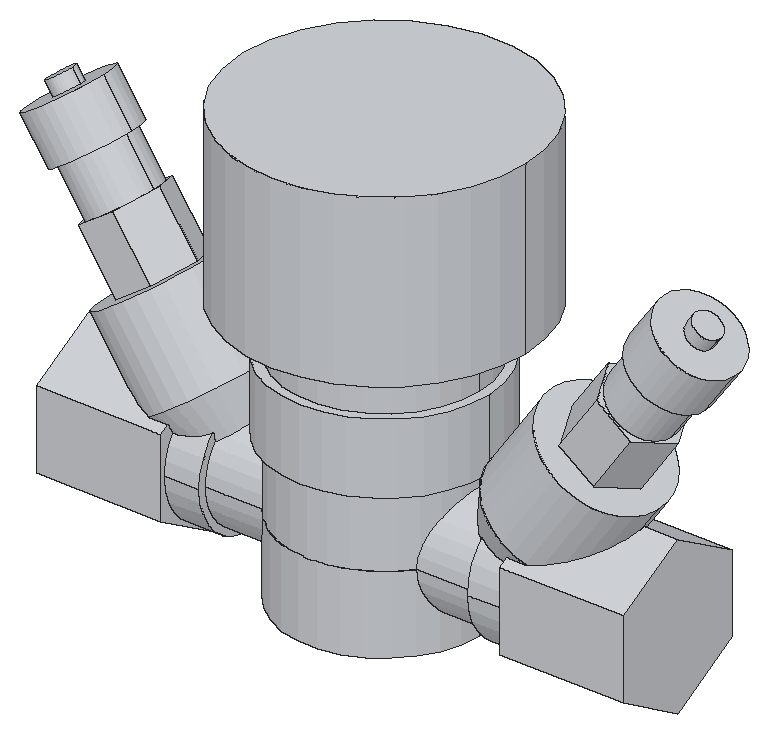
Revit family "D9525-DN15NF-RFA2019", category Pipe Accessories, Revit 2019
Family settings
  Round Connector Dimension = Use Diameter
  Part Type = Valve - Breaks Into
  Work Plane-Based = No
  Always vertical = Yes
  Cut with Voids When Loaded = No
  Shared = No
Parameters (values of type "9525 DN15 NF")
  magiProductId = "38bc2a49e75f44a19550cf5c31e8d8"
  magiProductFamilyId = "ec630ab62332464eb6277f46734e39"
  magiPartTypeId = 304
  isMeasuringValve [instance] = no
  ang2D [instance] = 0.00°
  ZZ = 10.076 mm
  ZN = 2 mm
  ZB1 = 9 mm
  ZB = 11 mm
  Z11 = 7 mm
  Z1 = 10 mm
  X0 = 18 mm
  W2D = 15 mm
  VersionID = "2.0/2019.5.23.1/VIR_9525_201"
  VIS0 = no
  V22 = 15.7 mm
  V2 = 17.8 mm
  V = 40 mm
  Use Minimum Symbol Size [instance] = no
  URL = "www.hydronix.cz"
  Type Comments = "závitový; PN10 (-10~+120°C) nebo PN20 (-10~+80°C)"
  RT = 2 mm
  RN = 11 mm
  R9 = 5 mm
  R8 = 6 mm
  R3 = 9 mm
  R2 = 8 mm
  R11 = 4.5 mm
  R1 = 9 mm
  R = 7.5 mm
  QmdConnectorList = "301;D;302;D"
  Productdata [instance] = ""
  Manufacturer = "Hydronix"
  MC Product Code = "9525 015 (D9525 DN15NF; kvs=1,83)"
  MC Piping Given Pressure Drop [instance] = 0.0 Pa
  MC Enable LOD 350 = no
  MC Enable LOD 200 = no
  MC Constant Outlet Pressure [instance] = 0.0 Pa
  L_2 = 41.5 mm
  LLDONLY = not(BBVIS)  # yes
  LLDAndHLD = and(or(LLDONLY, MC Enable LOD 350), not(BBVIS))  # yes
  LC = 9.8 mm
  L3 = 22.5 mm
  L2__ve = -L2  # -5 mm
  L2D_Min = 30.48 mm
  L2D = 83 mm
  L2 = 5 mm
  L1__ve = -L1  # -17.5 mm
  L1 = 17.5 mm
  L = 83 mm
  I4 = 26.585 mm
  I3 = 44.585 mm
  I2 = 49.5 mm
  I = 99 mm
  HBTR = 6.952 mm
  HBT3 = 6.952 mm
  HBT2 = 9.27 mm
  HBT11 = 13.099 mm
  HBT1 = 23.175 mm
  HBT = 46.35 mm
  HB = 51 mm
  ENBL350 = and(MC Enable LOD 350, not(BBVIS))  # no
  Description = "Ruční vyvažovací a 2-cestný regulační ventil závitový; bronzový; DN15NF; kvs1,83"
  DB11 = 25.65 mm
  DB1 = 29.7 mm
  DB = 27 mm
  D = 15 mm
  CenSd_RN_6 = RN * cos(30.00°)  # 9.526 mm
  CenSd_R8_6 = R8 * cos(30.00°)  # 5.196 mm
  CAT0 = yes
  CAT = no
  BBVIS = MC Enable LOD 200  # no
Types (4, lengths in mm): name | magiProductId | ZZ | ZB1 | ZB | Z11 | Z1 | W2D | RN | R3 | R2 | R | MC Product Code | L_2 | L2D | L | I4 | I3 | I2 | I | HBTR | HBT3 | HBT2 | HBT11 | HBT1 | HBT | HB | Description | DB11 | DB1 | DB | D | CenSd_RN_6
  9525 DN15 NF | "38bc2a49e75f44a19550cf5c31e8d8" | 10.076 | 9 | 11 | 7 | 10 | 15 | 11 | 9 | 8 | 7.5 | "9525 015 (D9525 DN15NF; kvs=1,83)" | 41.5 | 83 | 83 | 26.585 | 44.585 | 49.5 | 99 | 6.952 | 6.952 | 9.27 | 13.099 | 23.175 | 46.35 | 51 | "Ruční vyvažovací a 2-cestný regulační ventil závitový; bronzový; DN15NF; kvs1,83" | 25.65 | 29.7 | 27 | 15 | 9.526
  9525 DN15 LF | "0f0d3c44fff84d33bcc3edb98b3d66" | 10.076 | 9 | 11 | 7 | 10 | 15 | 11 | 9 | 8 | 7.5 | "9525 014 (D9525 DN15LF; kvs=0,86)" | 41.5 | 83 | 83 | 26.585 | 44.585 | 49.5 | 99 | 6.952 | 6.952 | 9.27 | 13.099 | 23.175 | 46.35 | 51 | "Ruční vyvažovací a 2-cestný regulační ventil závitový; bronzový; DN15LF; kvs0,86" | 25.65 | 29.7 | 27 | 15 | 9.526
  9525 DN20 | "da587af331304b45b3ec03b8fa0f34" | 11.213 | 12.667 | 14.667 | 7 | 10 | 20 | 14.667 | 12 | 10.667 | 10 | "9525 020 (D9525 DN20; kvs=3,47)" | 45 | 90 | 90 | 29.585 | 47.585 | 52.5 | 105 | 7.737 | 7.737 | 10.316 | 14.577 | 25.79 | 51.58 | 51 | "Ruční vyvažovací a 2-cestný regulační ventil závitový; bronzový; DN20; kvs3,47" | 27.813 | 32.205 | 29.277 | 20 | 12.702
  9525 DN25 | "1f5bab54bc3c45cdac322ce9a95cfe" | 11.971 | 16.333 | 18.333 | 9.745 | 13.922 | 25 | 18.333 | 15 | 13.333 | 12.5 | "9525 025 (D9525 DN25; kvs=6,30)" | 49 | 98 | 98 | 31.585 | 49.585 | 54.5 | 109 | 8.26 | 8.26 | 11.013 | 15.562 | 27.533 | 55.067 | 71 | "Ruční vyvažovací a 2-cestný regulační ventil závitový; bronzový; DN25; kvs6,30" | 30.286 | 35.067 | 31.88 | 25 | 15.877
Reference planes
  plane 1 "Center (Front/Back)": y = 0
  plane 2 "XYPLANE": z = 0
  plane 3 "Center (Left/Right)": x = 0
  plane 4 "506": x = -2.2
  plane 5 "476": through (-590.585, 0, 438.436) normal (0.5736, 0, 0.8192)
  plane 6 "473": through (-638.143, 0, -421.929) normal (-0.5736, 0, 0.8192)
  plane 7 "470": z = -9
  plane 8 "442": x = 49.5
  plane 9 "441": x = -49.5
  plane 10 "440": y = 20
  plane 11 "439": y = -20
  plane 12 "438": z = -11
  plane 13 "436": through (-569.779, 0, 468.15) normal (0.5736, 0, 0.8192)
  plane 14 "435": through (-573.767, 0, 462.455) normal (0.5736, 0, 0.8192)
  plane 15 "434": through (-577.754, 0, 456.76) normal (0.5736, 0, 0.8192)
  plane 16 "433": through (-583.071, 0, 449.166) normal (0.5736, 0, 0.8192)
  plane 17 "422": through (-658.949, 0, -392.215) normal (-0.5736, 0, 0.8192)
  plane 18 "419": through (-654.961, 0, -397.91) normal (-0.5736, 0, 0.8192)
  plane 19 "416": through (-650.974, 0, -403.605) normal (-0.5736, 0, 0.8192)
  plane 20 "413": through (-645.657, 0, -411.199) normal (-0.5736, 0, 0.8192)
  plane 21 "400": z = 35.2
  plane 22 "397": z = 33.2
  plane 23 "396": z = 51
  plane 24 "395": z = 27
  plane 25 "394": x = -20
  plane 26 "393": x = -0.2
  plane 27 "390": z = 20
  plane 28 "387": z = 10
  plane 29 "369": x = -18
  plane 30 "368": x = 18
  plane 31 "364": z = -11
  plane 32 "356": y = 0
  plane 33 "355": through (-448.182, 0, 614.364) normal (0.8192, 0, 0.5736)
  plane 34 "353": through (-632.364, 0, -430.182) normal (-0.5736, 0, 0.8192)
  plane 35 "328": y = 0
  plane 36 "157": x = 19
  plane 37 "70": through (-596.364, 0, 430.182) normal (0.5736, 0, 0.8192)
  plane 38 "68": through (448.182, 0, 614.364) normal (0.8192, 0, -0.5736)
  plane 39 "21": x = -19
  plane 40 "20": x = 24
  plane 41 "19": x = -24
  plane 42 "13": x = 0
  plane 43 "11": x = 41.5
  plane 44 "10": x = -41.5
  plane 45 "9": y = 0
  plane 46 "8": z = 0
  plane 47 "340XY": through (-632.364, 0, -430.182) normal (-0.5736, 0, 0.8192)
  plane 48 "340XZ": y = 0
  plane 49 "340YZ": through (-448.182, 0, 614.364) normal (0.8192, 0, 0.5736)
  plane 50 "65XY": through (-596.364, 0, 430.182) normal (0.5736, 0, 0.8192)
  plane 51 "65XZ": y = 0
  plane 52 "65YZ": through (448.182, 0, 614.364) normal (0.8192, 0, -0.5736)
Forms (mm)
  Extrusion 1, solid, visible <- "LLDAndHLD"
    sketch origin (-583.071, 0, 449.166) x (0.819152, 0, -0.573576) y (0, 1, 0)
      loop
        line (756, 0) -> (753, 5.196) -> (747, 5.196) -> (744, 0) -> (747, -5.196) -> (753, -5.196) -> (756, 0)
    from 0 to 9.27 <- "HBT2"
  Extrusion 2, solid, visible <- "LLDAndHLD"
    sketch origin (-645.657, 0, -411.199) x (0.819152, 0, 0.573576) y (0, 1, 0)
      loop
        line (756, 0) -> (753, 5.196) -> (747, 5.196) -> (744, 0) -> (747, -5.196) -> (753, -5.196) -> (756, 0)
    from 0 to 9.27 <- "HBT2"
  Blend 3, solid, visible <- "LLDAndHLD"
    base sketch origin (-596.364, 0, 430.182) x (0.819152, 0, -0.573576) y (0, 1, 0)
      loop
        circle (750, 0) r 4.5
    top sketch origin (-596.364, 0, 430.182) x (0.819152, 0, -0.573576) y (0, 1, 0)
      loop
        circle (750, 0) r 9
    from 0 to 10.076
  Blend 4, solid, visible <- "LLDAndHLD"
    base sketch origin (-638.143, 0, -421.929) x (0.819152, 0, 0.573576) y (0, 1, 0)
      loop
        circle (750, 0) r 9
    top sketch origin (-638.143, 0, -421.929) x (0.819152, 0, 0.573576) y (0, 1, 0)
      loop
        circle (750, 0) r 4.5
    from 0 to -10.076
  Blend 5, solid, visible <- "ENBL350"
    base sketch origin (-750, 0, -9) x (1, 0, 0) y (0, 1, 0)
      loop
        circle (750, 0) r 13.5
    top sketch origin (-750, 0, -9) x (1, 0, 0) y (0, 1, 0)
      loop
        circle (750, 0) r 12.825
    from 0 to -2
  Extrusion 6, solid, visible <- "ENBL350"
    sketch origin (-750, 0, -9) x (1, 0, 0) y (0, 1, 0)
      loop
        circle (750, 0) r 13.5
    from 0 to 9 <- "ZB1"
  Blend 7, solid, visible <- "BBVIS"
    base sketch origin (-750, 0, -11) x (1, 0, 0) y (0, 1, 0)
      loop
        line (700.5, -20) -> (799.5, -20) -> (799.5, 20) -> (700.5, 20) -> (700.5, -20)
    top sketch origin (-750, 0, -11) x (1, 0, 0) y (0, 1, 0)
      loop
        line (700.5, -20) -> (799.5, -20) -> (799.5, 20) -> (700.5, 20) -> (700.5, -20)
    from 0 to 62
  Blend 8, solid, visible <- "LLDONLY"
    base sketch origin (-750, 0, 27) x (1, 0, 0) y (0, 1, 0)
      loop
        circle (750, 0) r 20
    top sketch origin (-750, 0, 27) x (1, 0, 0) y (0, 1, 0)
      loop
        circle (750, 0) r 20
    from 0 to 24
  Extrusion 9, solid, visible <- "LLDAndHLD"
    sketch origin (-590.585, 0, 438.436) x (0.819152, 0, -0.573576) y (0, 1, 0)
      loop
        circle (750, 0) r 9
    from 0 to 13.099 <- "HBT11"
  Extrusion 10, solid, visible <- "LLDAndHLD"
    sketch origin (-577.754, 0, 456.76) x (0.819152, 0, -0.573576) y (0, 1, 0)
      loop
        circle (750, 0) r 5
    from 0 to 6.952 <- "HBT3"
  Extrusion 11, solid, visible <- "LLDAndHLD"
    sketch origin (-573.767, 0, 462.455) x (0.819152, 0, -0.573576) y (0, 1, 0)
      loop
        circle (750, 0) r 6
    from 0 to 6.952 <- "HBTR"
  Extrusion 12, solid, visible <- "LLDAndHLD"
    sketch origin (-569.779, 0, 468.15) x (0.819152, 0, -0.573576) y (0, 1, 0)
      loop
        circle (750, 0) r 2
    from 0 to 2
  Extrusion 13, solid, visible <- "LLDAndHLD"
    sketch origin (-658.949, 0, -392.215) x (0.819152, 0, 0.573576) y (0, 1, 0)
      loop
        circle (750, 0) r 2
    from 0 to 2
  Extrusion 14, solid, visible <- "LLDAndHLD"
    sketch origin (-654.961, 0, -397.91) x (0.819152, 0, 0.573576) y (0, 1, 0)
      loop
        circle (750, 0) r 6
    from 0 to 6.952 <- "HBTR"
  Extrusion 15, solid, visible <- "LLDAndHLD"
    sketch origin (-650.974, 0, -403.605) x (0.819152, 0, 0.573576) y (0, 1, 0)
      loop
        circle (750, 0) r 5
    from 0 to 6.952 <- "HBT3"
  Extrusion 16, solid, visible <- "LLDAndHLD"
    sketch origin (-638.143, 0, -421.929) x (0.819152, 0, 0.573576) y (0, 1, 0)
      loop
        circle (750, 0) r 9
    from 0 to 13.099 <- "HBT11"
  Revolve 17, solid, visible <- "ENBL350"
    sketch origin (-0.2, 0, 27) x (0, 0, -1) y (1, 0, 0)
      loop
        line (0, 0) -> (-24, 0) -> (-24, -2) -> (-24, -4.1)
        arc (-24, -4.1) -> (-19.402, -15.202) -> (-8.3, -19.8) r 15.7
        line (-8.3, -19.8) -> (0, -19.8) -> (0, -2) -> (0, 0)
      axis (-24, 0.2) -> (0, 0.2)
    angle from 0 to -360
  Extrusion 18, solid, visible <- "LLDAndHLD"
    sketch origin (-750, 0, 20) x (1, 0, 0) y (0, 1, 0)
      loop
        circle (750, 0) r 13.5
    from 0 to 7 <- "Z11"
  Extrusion 19, solid, visible <- "LLDAndHLD"
    sketch origin (-750, 0, 10) x (1, 0, 0) y (0, 1, 0)
      loop
        circle (750, 0) r 14.85
    from 0 to 10 <- "Z1"
  Blend 20, solid, visible <- "LLDAndHLD"
    base sketch origin (-19, -750, 0) x (0, 1, 0) y (0, 0, 1)
      loop
        circle (750, 0) r 8
    top sketch origin (-19, -750, 0) x (0, 1, 0) y (0, 0, 1)
      loop
        circle (750, 0) r 8
    from 0 to 38
  Extrusion 21, solid, visible <- "LLDAndHLD"
    sketch origin (-750, 0, 0) x (1, 0, 0) y (0, 1, 0)
      loop
        circle (750, 0) r 13.5
    from 0 to 10 <- "Z1"
  Extrusion 22, solid, visible <- "LLDONLY"
    sketch origin (-750, 0, -11) x (1, 0, 0) y (0, 1, 0)
      loop
        circle (750, 0) r 13.5
    from 0 to 11 <- "ZB"
  Extrusion 23, solid, visible <- "LLDAndHLD"
    sketch origin (19, -750, 0) x (0, 1, 0) y (0, 0, 1)
      loop
        circle (750, 0) r 9
    from 0 to 5 <- "L2"
  Extrusion 24, solid, visible <- "LLDAndHLD"
    sketch origin (-19, -750, 0) x (0, 1, 0) y (0, 0, 1)
      loop
        circle (750, 0) r 9
    from 0 to -5 <- "L2__ve"
  Extrusion 25, solid, visible <- "LLDAndHLD"
    sketch origin (41.5, -750, 0) x (0, 1, 0) y (0, 0, 1)
      loop
        line (750, 11) -> (740.474, 5.5) -> (740.474, -5.5) -> (750, -11) -> (759.526, -5.5) -> (759.526, 5.5) -> (750, 11)
    from 0 to -17.5 <- "L1__ve"
  Extrusion 26, solid, visible <- "LLDAndHLD"
    sketch origin (-41.5, -750, 0) x (0, 1, 0) y (0, 0, 1)
      loop
        line (750, 11) -> (740.474, 5.5) -> (740.474, -5.5) -> (750, -11) -> (759.526, -5.5) -> (759.526, 5.5) -> (750, 11)
    from 0 to 17.5 <- "L1"
  Extrusion 27, solid, not visible
    sketch origin (41.5, -750, 0) x (0, 1, 0) y (0, 0, 1)
      loop
        circle (750, 0) r 10
    from 0 to -10
  Extrusion 28, solid, not visible
    sketch origin (-41.5, -750, 0) x (0, 1, 0) y (0, 0, 1)
      loop
        circle (750, 0) r 10
    from 0 to 10
Lines and regions (mm)
  reference lines, not visible
    curve 1: circle (2, 2, 0) r 1 normal (0, 0, 1)
  reference lines
    curve 2: line (31.293, 0, 18.984) -> (30.064, 2.598, 19.844)
    curve 3: line (31.293, 0, 18.984) -> (28.835, 0, 20.704)
    curve 4: line (31.293, 0, 18.984) -> (30.064, -2.598, 19.844)
    curve 5: line (-31.293, 0, 18.984) -> (-32.521, 2.598, 18.123)
    curve 6: line (-31.293, 0, 18.984) -> (-33.75, 0, 17.263)
    curve 7: line (-31.293, 0, 18.984) -> (-32.521, -2.598, 18.123)
    curve 8: line (41.5, 0, 0) -> (41.5, -4.763, -2.75)
    curve 9: line (41.5, 0, 0) -> (41.5, 0, -5.5)
    curve 10: line (41.5, 0, 0) -> (41.5, 4.763, -2.75)
    curve 11: line (-41.5, 0, 0) -> (-41.5, 4.763, -2.75)
    curve 12: line (-41.5, 0, 0) -> (-41.5, 0, -5.5)
    curve 13: line (-41.5, 0, 0) -> (-41.5, -4.763, -2.75)
Dimensions and locks
  plane 1 "Center (Front/Back)" to curve 1 = 2 mm
  locked: plane 26 "393" to plane 4 "506" at 2
  "ZZ": plane 37 "70" to plane 5 "476"
  "ZZ": plane 34 "353" to plane 6 "473"
  locked: plane 31 "364" to plane 7 "470" at 2
  "I2": plane 42 "13" to plane 8 "442"
  "I2": plane 42 "13" to plane 9 "441"
  "V": plane 11 "439" to plane 10 "440"
  locked: plane 45 "9" to plane 11 "439" at 20
  "RN": plane 46 "8" to plane 12 "438"
  "HBTR": plane 14 "435" to plane 13 "436"
  "HBT3": plane 15 "434" to plane 14 "435"
  "HBT2": plane 16 "433" to plane 15 "434"
  "HBT1": plane 37 "70" to plane 16 "433"
  "HBTR": plane 18 "419" to plane 17 "422"
  "HBT3": plane 19 "416" to plane 18 "419"
  "HBT2": plane 20 "413" to plane 19 "416"
  "HBT1": plane 34 "353" to plane 20 "413"
  "ZN": plane 22 "397" to plane 21 "400"
  "V2": plane 23 "396" to plane 22 "397"
  "HB": plane 2 "XYPLANE" to plane 23 "396"
  "Z11": plane 27 "390" to plane 24 "395"
  "V2": plane 4 "506" to plane 25 "394"
  locked: plane 42 "13" to plane 26 "393" at 0.2
  "Z1": plane 28 "387" to plane 27 "390"
  "Z1": plane 2 "XYPLANE" to plane 28 "387"
  "X0": plane 3 "Center (Left/Right)" to plane 29 "369"
  "X0": plane 3 "Center (Left/Right)" to plane 30 "368"
  "ZB": plane 2 "XYPLANE" to plane 31 "364"
  locked: plane 45 "9" to plane 32 "356"
  locked: plane 49 "340YZ" to plane 33 "355"
  locked: plane 47 "340XY" to plane 34 "353" at 0
  locked: plane 45 "9" to plane 35 "328"
  "L2": plane 40 "20" to plane 36 "157"
  locked: plane 50 "65XY" to plane 37 "70"
  locked: plane 52 "65YZ" to plane 38 "68"
  "L2": plane 41 "19" to plane 39 "21"
  "L1": plane 43 "11" to plane 40 "20"
  "L1": plane 44 "10" to plane 41 "19"
  locked: plane 3 "Center (Left/Right)" to plane 42 "13"
  "L_2": plane 3 "Center (Left/Right)" to plane 43 "11"
  "L_2": plane 3 "Center (Left/Right)" to plane 44 "10"
  locked: plane 1 "Center (Front/Back)" to plane 45 "9"
  locked: plane 2 "XYPLANE" to plane 46 "8"
  "CenSd_R8_6": curve 2 to Extrusion 1 sketch curve  (x2)
  "CenSd_R8_6": curve 3 to Extrusion 1 sketch curve  (x2)
  "CenSd_R8_6": curve 4 to Extrusion 1 sketch curve  (x2)
  Extrusion 1 sketch curve to Extrusion 1 sketch curve = 0 mm  (x12)
  "CenSd_R8_6": curve 5 to Extrusion 2 sketch curve  (x2)
  "CenSd_R8_6": curve 6 to Extrusion 2 sketch curve  (x2)
  "CenSd_R8_6": curve 7 to Extrusion 2 sketch curve  (x2)
  Extrusion 2 sketch curve to Extrusion 2 sketch curve = 0 mm  (x12)
  Blend 7 sketch curve to Blend 7 sketch curve = 0 mm  (x16)
  Revolve 17 sketch curve to Revolve 17 sketch curve = 0 mm  (x14)
  "CenSd_RN_6": curve 8 to Extrusion 25 sketch curve  (x2)
  "CenSd_RN_6": curve 9 to Extrusion 25 sketch curve  (x2)
  "CenSd_RN_6": curve 10 to Extrusion 25 sketch curve  (x2)
  Extrusion 25 sketch curve to Extrusion 25 sketch curve = 0 mm  (x12)
  "CenSd_RN_6": curve 11 to Extrusion 26 sketch curve  (x2)
  "CenSd_RN_6": curve 12 to Extrusion 26 sketch curve  (x2)
  "CenSd_RN_6": curve 13 to Extrusion 26 sketch curve  (x2)
  Extrusion 26 sketch curve to Extrusion 26 sketch curve = 0 mm  (x12)
  "R1": radius of Blend 3 sketch curve
  "R11": radius of Blend 3 sketch curve
  "R11": radius of Blend 4 sketch curve
  "R1": radius of Blend 4 sketch curve
  "DB11": diameter of Blend 5 sketch curve
  "DB": diameter of Blend 5 sketch curve
  "DB": diameter of Extrusion 6 sketch curve
  "V": diameter of Blend 8 sketch curve  (x2)
  "R1": radius of Extrusion 9 sketch curve
  "R9": radius of Extrusion 10 sketch curve
  "R8": radius of Extrusion 11 sketch curve
  "RT": radius of Extrusion 12 sketch curve
  "RT": radius of Extrusion 13 sketch curve
  "R8": radius of Extrusion 14 sketch curve
  "R9": radius of Extrusion 15 sketch curve
  "R1": radius of Extrusion 16 sketch curve
  "V22": radius of Revolve 17 sketch curve
  "DB": diameter of Extrusion 18 sketch curve
  "DB1": diameter of Extrusion 19 sketch curve
  "R2": radius of Blend 20 sketch curve  (x2)
  "DB": diameter of Extrusion 21 sketch curve
  "DB": diameter of Extrusion 22 sketch curve
  "R3": radius of Extrusion 23 sketch curve
  "R3": radius of Extrusion 24 sketch curve
  locked: curve 3 to curve 2 (angle 60.00°)
  locked: curve 4 to curve 3 (angle 60.00°)
  locked: curve 4 to curve 2 (angle 120.00°)
  locked: curve 6 to curve 5 (angle 60.00°)
  locked: curve 7 to curve 6 (angle 60.00°)
  locked: curve 7 to curve 5 (angle 120.00°)
  locked: curve 9 to curve 8 (angle 60.00°)
  locked: curve 10 to curve 9 (angle 60.00°)
  locked: curve 10 to curve 8 (angle 120.00°)
  locked: curve 12 to curve 11 (angle 60.00°)
  locked: curve 13 to curve 12 (angle 60.00°)
  locked: curve 13 to curve 11 (angle 120.00°)
  aligned and locked: level to plane 2 "XYPLANE"
  aligned and locked: curve 2 to plane 38 "68"
  aligned and locked: plane 35 "328" to curve 3
  aligned and locked: curve 5 to plane 33 "355"
  aligned and locked: plane 32 "356" to curve 6
  aligned and locked: plane 35 "328" to Blend 3 sketch curve  (x2)
  aligned and locked: Blend 3 sketch curve to plane 38 "68"  (x2)
  aligned and locked: plane 5 "476" to Blend 3
  aligned and locked: plane 32 "356" to Blend 4 sketch curve  (x2)
  aligned and locked: Blend 4 sketch curve to plane 33 "355"  (x2)
  aligned and locked: Blend 4 to plane 34 "353"
  aligned and locked: plane 42 "13" to Blend 5 sketch curve  (x2)
  aligned and locked: plane 45 "9" to Blend 5 sketch curve  (x2)
  aligned and locked: Blend 5 to plane 31 "364"
  aligned and locked: plane 42 "13" to Extrusion 6 sketch curve
  aligned and locked: plane 45 "9" to Extrusion 6 sketch curve
  aligned and locked: plane 9 "441" to Blend 7 sketch curve  (x4)
  aligned and locked: plane 11 "439" to Blend 7 sketch curve  (x4)
  aligned and locked: plane 10 "440" to Blend 7 sketch curve  (x4)
  aligned and locked: plane 8 "442" to Blend 7 sketch curve  (x4)
  aligned and locked: plane 23 "396" to Blend 7
  aligned and locked: plane 42 "13" to Blend 8 sketch curve  (x2)
  aligned and locked: plane 45 "9" to Blend 8 sketch curve  (x2)
  aligned and locked: plane 23 "396" to Blend 8
  aligned and locked: plane 35 "328" to Extrusion 9 sketch curve
  aligned and locked: Extrusion 9 sketch curve to plane 38 "68"
  aligned and locked: plane 35 "328" to Extrusion 10 sketch curve
  aligned and locked: Extrusion 10 sketch curve to plane 38 "68"
  aligned and locked: plane 35 "328" to Extrusion 11 sketch curve
  aligned and locked: Extrusion 11 sketch curve to plane 38 "68"
  aligned and locked: plane 35 "328" to Extrusion 12 sketch curve
  aligned and locked: Extrusion 12 sketch curve to plane 38 "68"
  aligned and locked: plane 32 "356" to Extrusion 13 sketch curve
  aligned and locked: Extrusion 13 sketch curve to plane 33 "355"
  aligned and locked: plane 32 "356" to Extrusion 14 sketch curve
  aligned and locked: Extrusion 14 sketch curve to plane 33 "355"
  aligned and locked: plane 32 "356" to Extrusion 15 sketch curve
  aligned and locked: Extrusion 15 sketch curve to plane 33 "355"
  aligned and locked: plane 32 "356" to Extrusion 16 sketch curve
  aligned and locked: Extrusion 16 sketch curve to plane 33 "355"
  aligned and locked: plane 26 "393" to Revolve 17 sketch curve  (x2)
  aligned and locked: plane 24 "395" to Revolve 17 sketch curve  (x3)
  aligned and locked: plane 23 "396" to Revolve 17 sketch curve  (x3)
  aligned and locked: plane 4 "506" to Revolve 17 sketch curve  (x2)
  aligned and locked: Revolve 17 sketch curve to plane 25 "394"
  aligned and locked: plane 25 "394" to Revolve 17 sketch curve
  aligned and locked: Revolve 17 sketch curve to plane 24 "395"
  aligned and locked: plane 42 "13" to Extrusion 18 sketch curve
  aligned and locked: plane 45 "9" to Extrusion 18 sketch curve
  aligned and locked: plane 42 "13" to Extrusion 19 sketch curve
  aligned and locked: plane 45 "9" to Extrusion 19 sketch curve
  aligned and locked: Blend 20 sketch curve to plane 45 "9"  (x2)
  aligned and locked: plane 46 "8" to Blend 20 sketch curve  (x2)
  aligned and locked: plane 36 "157" to Blend 20
  aligned and locked: plane 42 "13" to Extrusion 21 sketch curve
  aligned and locked: plane 45 "9" to Extrusion 21 sketch curve
  aligned and locked: plane 42 "13" to Extrusion 22 sketch curve
  aligned and locked: plane 45 "9" to Extrusion 22 sketch curve
  aligned and locked: Extrusion 23 sketch curve to plane 45 "9"
  aligned and locked: plane 46 "8" to Extrusion 23 sketch curve
  aligned and locked: Extrusion 24 sketch curve to plane 45 "9"
  aligned and locked: plane 46 "8" to Extrusion 24 sketch curve
  aligned and locked: curve 10 to plane 45 "9"
  aligned and locked: plane 46 "8" to curve 10
  aligned and locked: curve 13 to plane 45 "9"
  aligned and locked: plane 46 "8" to curve 13
  aligned and locked: Extrusion 27 sketch curve to plane 45 "9"
  aligned and locked: plane 46 "8" to Extrusion 27 sketch curve
  aligned and locked: Extrusion 28 sketch curve to plane 45 "9"
  aligned and locked: plane 46 "8" to Extrusion 28 sketch curve
  aligned and locked: plane 42 "13" to nested 1
  aligned and locked: plane 45 "9" to nested 1
Automatic sketch dimensions
  plane 1 "Center (Front/Back)" to Extrusion 27 sketch curve = 10 mm
  plane 1 "Center (Front/Back)" to Extrusion 28 sketch curve = 10 mm
  plane 3 "Center (Left/Right)" to curve 1 = 2 mm
  Revolve 17 sketch curve to plane 3 "Center (Left/Right)" = 0 mm
  radius of curve 1 = 1 mm
Nested families
  nested 1: "2_RadialArray" at (0, 0, 35.2), LC <- "LC", type "Family21"
    with X 11 mm, StartAngle 90.00°, SW 5 mm, SH 13 mm, NumberOfObjects 6, ModelLinesVisible no, LC 9.8 mm, ArcAngle 360.00°
Connectors
  piping at (-41.5, 0, 0), diameter 15, driven by "D"
    settings: on Extrusion 28, index 1, connector inside diameter 609.6 mm, connector length 0 mm, flow factor 0, pipe flow 0.0 L/s, pressure drop 0.0 Pa, fitting loss kfactor 0, connector angle 0.00°, fixture units 0, engagement length 0 mm, angle of deflection 0.00°, flow configuration 0, flow direction 0, fitting loss method 0, system type 29, joint type 0, gender type 0, connector reference index 2, connector utility 0, adjustable connector no, is connector primary yes, connector description ""
  piping at (41.5, 0, 0), diameter 15, driven by "D"
    settings: on Extrusion 27, index 2, connector inside diameter 609.6 mm, connector length 0 mm, flow factor 0, pipe flow 0.0 L/s, pressure drop 0.0 Pa, fitting loss kfactor 0, connector angle 0.00°, fixture units 0, engagement length 0 mm, angle of deflection 0.00°, flow configuration 0, flow direction 0, fitting loss method 0, system type 29, joint type 0, gender type 0, connector reference index 1, connector utility 0, adjustable connector no, is connector primary no, connector description ""
